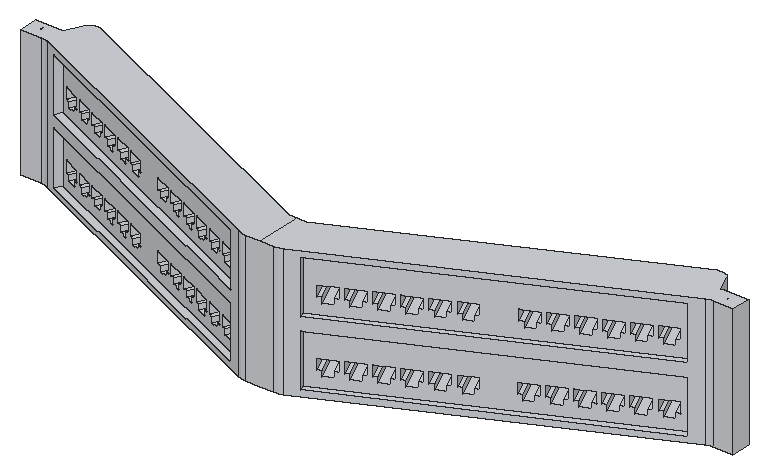
Revit family
Parameters (values of type "TEXT")
  Material ID = "760151779"
  Description = "SYSTIMAX 360 GigaSPEED X10D 1100GS6 Evolve Angled U/UTP Patch Panel, 48 port"
Reference planes (in)
  plane 1 "Center (Front/Back)": y = 0
  plane 2: z = 0
  plane 3 "Center (Left/Right)": x = 0
  plane 4: x = 0
Forms (in)
  Extrusion 1, solid
    sketch origin (0, 0, 0) x (1, 0, 0) y (0, 0, 1)
      loop
        line (0, 1.72) -> (-9.5, 1.72) -> (-9.5, -1.75) -> (0, -1.75) -> (9.5, -1.75) -> (9.5, 1.72) -> (0, 1.72)
    from 0 to 5
  Extrusion 2, void
    sketch origin (0, 0, 0) x (1, 0, 0) y (0, 1, 0)
      loop
        line (0, -3.75) -> (0.22211, -3.75) -> (8.20539, -0.02733)
        arc (8.20539, -0.02733) -> (8.4054, -0.01671) -> (8.56751, -0.13432) r 0.3
        line (8.56751, -0.13432) -> (8.78, -0.59) -> (10.67789, -0.59) -> (10.67789, 1.58554) -> (-10.07211, 1.58554) -> (-10.07211, -0.59) -> (-8.78, -0.59) -> (-8.56751, -0.13432)
        arc (-8.56751, -0.13432) -> (-8.4054, -0.01671) -> (-8.20539, -0.02733) r 0.3
        line (-8.20539, -0.02733) -> (-0.22211, -3.75) -> (0, -3.75)
      loop
        line (0, -5) -> (-0.37185, -5)
        arc (-0.37185, -5) -> (-0.49223, -4.98735) -> (-0.60735, -4.94994) r 0.57899
        line (-0.60735, -4.94994) -> (-8.77297, -1.14225)
        arc (-8.77297, -1.14225) -> (-8.86654, -1.11064) -> (-8.96473, -1.1) r 0.45422
        line (-8.96473, -1.1) -> (-10.07211, -1.1) -> (-10.07211, -6.6) -> (10.67789, -6.6) -> (10.67789, -1.1) -> (8.96473, -1.1)
        arc (8.96473, -1.1) -> (8.86654, -1.11064) -> (8.77297, -1.14225) r 0.45422
        line (8.77297, -1.14225) -> (0.60735, -4.94994)
        arc (0.60735, -4.94994) -> (0.49223, -4.98735) -> (0.37185, -5) r 0.57899
        line (0.37185, -5) -> (0, -5)
    from -9.81041 to 12
  Extrusion 3, void
    sketch origin (-0.5, -5, 0) x (0.906308, -0.422618, 0) y (0, 0, -1)
      loop
        line (-8.78097, -1.575) -> (-0.48097, -1.575) -> (-0.48097, -0.145) -> (-8.78097, -0.145) -> (-8.78097, -1.575)
    from 0 to 0.2
  Extrusion 4, void
    sketch origin (-0.5, -5, 0) x (0.906308, -0.422618, 0) y (0, 0, -1)
      loop
        line (-8.58097, -0.85) -> (-8.09097, -0.85) -> (-8.09097, -0.56) -> (-8.20097, -0.56) -> (-8.20097, -0.416) -> (-8.47097, -0.416) -> (-8.47097, -0.56) -> (-8.58097, -0.56) -> (-8.58097, -0.85)
    from -6.11684 to 3.83475
  Extrusion 5, void
    sketch origin (0.5, -5, 0) x (-0.906308, -0.422618, 0) y (0, 0, 1)
      loop
        line (-8.78097, 1.575) -> (-8.78097, 0.145) -> (-0.48097, 0.145) -> (-0.48097, 1.575) -> (-8.78097, 1.575)
    from 0 to 0.2
  Extrusion 6, void
    sketch origin (0, 0, 0) x (1, 0, 0) y (0, 0, 1)
      loop
        line (-9.23838, 0.095) -> (-9.11238, 0.095)
        arc (-9.11238, 0.095) -> (-8.97238, 0.235) -> (-9.11238, 0.375) r 0.14
        line (-9.11238, 0.375) -> (-9.23838, 0.375)
        arc (-9.23838, 0.375) -> (-9.37838, 0.235) -> (-9.23838, 0.095) r 0.14
      loop
        line (-9.23838, 1.345) -> (-9.11238, 1.345)
        arc (-9.11238, 1.345) -> (-8.97238, 1.485) -> (-9.11238, 1.625) r 0.14
        line (-9.11238, 1.625) -> (-9.23838, 1.625)
        arc (-9.23838, 1.625) -> (-9.37838, 1.485) -> (-9.23838, 1.345) r 0.14
    from -1.65585 to 1.01797
  Extrusion 7, void
    sketch origin (0, 0, 0) x (-1, 0, 0) y (0, 0, -1)
      loop
        arc (-9.23838, -0.095) -> (-9.37838, -0.235) -> (-9.23838, -0.375) r 0.14
        line (-9.23838, -0.375) -> (-9.11238, -0.375)
        arc (-9.11238, -0.375) -> (-8.97238, -0.235) -> (-9.11238, -0.095) r 0.14
        line (-9.11238, -0.095) -> (-9.23838, -0.095)
      loop
        arc (-9.23838, -1.345) -> (-9.37838, -1.485) -> (-9.23838, -1.625) r 0.14
        line (-9.23838, -1.625) -> (-9.11238, -1.625)
        arc (-9.11238, -1.625) -> (-8.97238, -1.485) -> (-9.11238, -1.345) r 0.14
        line (-9.11238, -1.345) -> (-9.23838, -1.345)
    from -1.65585 to 1.01797
  Extrusion 8, void
    sketch origin (0.5, -5, -1.75) x (-0.906308, -0.422618, 0) y (0, 0, 1)
      loop
        line (-8.78097, 1.575) -> (-8.78097, 0.145) -> (-0.48097, 0.145) -> (-0.48097, 1.575) -> (-8.78097, 1.575)
    from 0 to 0.2
  Extrusion 9, void
    sketch origin (-0.5, -5, -1.75) x (0.906308, -0.422618, 0) y (0, 0, -1)
      loop
        line (-8.78097, -1.575) -> (-0.48097, -1.575) -> (-0.48097, -0.145) -> (-8.78097, -0.145) -> (-8.78097, -1.575)
    from 0 to 0.2
  Extrusion 10, void
    sketch origin (0, 0, -1.75) x (1, 0, 0) y (0, 0, 1)
      loop
        line (-9.23838, 0.095) -> (-9.11238, 0.095)
        arc (-9.11238, 0.095) -> (-8.97238, 0.235) -> (-9.11238, 0.375) r 0.14
        line (-9.11238, 0.375) -> (-9.23838, 0.375)
        arc (-9.23838, 0.375) -> (-9.37838, 0.235) -> (-9.23838, 0.095) r 0.14
      loop
        line (-9.23838, 1.345) -> (-9.11238, 1.345)
        arc (-9.11238, 1.345) -> (-8.97238, 1.485) -> (-9.11238, 1.625) r 0.14
        line (-9.11238, 1.625) -> (-9.23838, 1.625)
        arc (-9.23838, 1.625) -> (-9.37838, 1.485) -> (-9.23838, 1.345) r 0.14
    from -1.65585 to 1.01797
  Extrusion 11, void
    sketch origin (0, 0, -1.75) x (-1, 0, 0) y (0, 0, -1)
      loop
        arc (-9.23838, -0.095) -> (-9.37838, -0.235) -> (-9.23838, -0.375) r 0.14
        line (-9.23838, -0.375) -> (-9.11238, -0.375)
        arc (-9.11238, -0.375) -> (-8.97238, -0.235) -> (-9.11238, -0.095) r 0.14
        line (-9.11238, -0.095) -> (-9.23838, -0.095)
      loop
        arc (-9.23838, -1.345) -> (-9.37838, -1.485) -> (-9.23838, -1.625) r 0.14
        line (-9.23838, -1.625) -> (-9.11238, -1.625)
        arc (-9.11238, -1.625) -> (-8.97238, -1.485) -> (-9.11238, -1.345) r 0.14
        line (-9.11238, -1.345) -> (-9.23838, -1.345)
    from -1.65585 to 1.01797
  Extrusion 12, void
    sketch origin (0.04649, -5.25483, 0) x (0.906308, -0.422618, 0) y (0, 0, -1)
      loop
        line (-8.58097, -0.85) -> (-8.09097, -0.85) -> (-8.09097, -0.56) -> (-8.20097, -0.56) -> (-8.20097, -0.416) -> (-8.47097, -0.416) -> (-8.47097, -0.56) -> (-8.58097, -0.56) -> (-8.58097, -0.85)
    from -6.11684 to 3.83475
  Extrusion 13, void
    sketch origin (0.59298, -5.50967, 0) x (0.906308, -0.422618, 0) y (0, 0, -1)
      loop
        line (-8.58097, -0.85) -> (-8.09097, -0.85) -> (-8.09097, -0.56) -> (-8.20097, -0.56) -> (-8.20097, -0.416) -> (-8.47097, -0.416) -> (-8.47097, -0.56) -> (-8.58097, -0.56) -> (-8.58097, -0.85)
    from -6.11684 to 3.83475
  Extrusion 14, void
    sketch origin (1.13947, -5.7645, 0) x (0.906308, -0.422618, 0) y (0, 0, -1)
      loop
        line (-8.58097, -0.85) -> (-8.09097, -0.85) -> (-8.09097, -0.56) -> (-8.20097, -0.56) -> (-8.20097, -0.416) -> (-8.47097, -0.416) -> (-8.47097, -0.56) -> (-8.58097, -0.56) -> (-8.58097, -0.85)
    from -6.11684 to 3.83475
  Extrusion 15, void
    sketch origin (1.68596, -6.01933, 0) x (0.906308, -0.422618, 0) y (0, 0, -1)
      loop
        line (-8.58097, -0.85) -> (-8.09097, -0.85) -> (-8.09097, -0.56) -> (-8.20097, -0.56) -> (-8.20097, -0.416) -> (-8.47097, -0.416) -> (-8.47097, -0.56) -> (-8.58097, -0.56) -> (-8.58097, -0.85)
    from -6.11684 to 3.83475
  Extrusion 16, void
    sketch origin (2.23245, -6.27416, 0) x (0.906308, -0.422618, 0) y (0, 0, -1)
      loop
        line (-8.58097, -0.85) -> (-8.09097, -0.85) -> (-8.09097, -0.56) -> (-8.20097, -0.56) -> (-8.20097, -0.416) -> (-8.47097, -0.416) -> (-8.47097, -0.56) -> (-8.58097, -0.56) -> (-8.58097, -0.85)
    from -6.11684 to 3.83475
  Extrusion 17, void
    sketch origin (3.4001, -6.81865, 0) x (0.906308, -0.422618, 0) y (0, 0, -1)
      loop
        line (-8.58097, -0.85) -> (-8.09097, -0.85) -> (-8.09097, -0.56) -> (-8.20097, -0.56) -> (-8.20097, -0.416) -> (-8.47097, -0.416) -> (-8.47097, -0.56) -> (-8.58097, -0.56) -> (-8.58097, -0.85)
    from -6.11684 to 3.83475
  Extrusion 18, void
    sketch origin (3.94659, -7.07348, 0) x (0.906308, -0.422618, 0) y (0, 0, -1)
      loop
        line (-8.58097, -0.85) -> (-8.09097, -0.85) -> (-8.09097, -0.56) -> (-8.20097, -0.56) -> (-8.20097, -0.416) -> (-8.47097, -0.416) -> (-8.47097, -0.56) -> (-8.58097, -0.56) -> (-8.58097, -0.85)
    from -6.11684 to 3.83475
  Extrusion 19, void
    sketch origin (4.49308, -7.32831, 0) x (0.906308, -0.422618, 0) y (0, 0, -1)
      loop
        line (-8.58097, -0.85) -> (-8.09097, -0.85) -> (-8.09097, -0.56) -> (-8.20097, -0.56) -> (-8.20097, -0.416) -> (-8.47097, -0.416) -> (-8.47097, -0.56) -> (-8.58097, -0.56) -> (-8.58097, -0.85)
    from -6.11684 to 3.83475
  Extrusion 20, void
    sketch origin (5.03957, -7.58314, 0) x (0.906308, -0.422618, 0) y (0, 0, -1)
      loop
        line (-8.58097, -0.85) -> (-8.09097, -0.85) -> (-8.09097, -0.56) -> (-8.20097, -0.56) -> (-8.20097, -0.416) -> (-8.47097, -0.416) -> (-8.47097, -0.56) -> (-8.58097, -0.56) -> (-8.58097, -0.85)
    from -6.11684 to 3.83475
  Extrusion 21, void
    sketch origin (5.58606, -7.83798, 0) x (0.906308, -0.422618, 0) y (0, 0, -1)
      loop
        line (-8.58097, -0.85) -> (-8.09097, -0.85) -> (-8.09097, -0.56) -> (-8.20097, -0.56) -> (-8.20097, -0.416) -> (-8.47097, -0.416) -> (-8.47097, -0.56) -> (-8.58097, -0.56) -> (-8.58097, -0.85)
    from -6.11684 to 3.83475
  Extrusion 22, void
    sketch origin (6.13255, -8.09281, 0) x (0.906308, -0.422618, 0) y (0, 0, -1)
      loop
        line (-8.58097, -0.85) -> (-8.09097, -0.85) -> (-8.09097, -0.56) -> (-8.20097, -0.56) -> (-8.20097, -0.416) -> (-8.47097, -0.416) -> (-8.47097, -0.56) -> (-8.58097, -0.56) -> (-8.58097, -0.85)
    from -6.11684 to 3.83475
  Extrusion 23, void
    sketch origin (-0.5, -5, -1.75) x (0.906308, -0.422618, 0) y (0, 0, -1)
      loop
        line (-8.58097, -0.85) -> (-8.09097, -0.85) -> (-8.09097, -0.56) -> (-8.20097, -0.56) -> (-8.20097, -0.416) -> (-8.47097, -0.416) -> (-8.47097, -0.56) -> (-8.58097, -0.56) -> (-8.58097, -0.85)
    from -6.11684 to 3.83475
  Extrusion 24, void
    sketch origin (0.04649, -5.25483, -1.75) x (0.906308, -0.422618, 0) y (0, 0, -1)
      loop
        line (-8.58097, -0.85) -> (-8.09097, -0.85) -> (-8.09097, -0.56) -> (-8.20097, -0.56) -> (-8.20097, -0.416) -> (-8.47097, -0.416) -> (-8.47097, -0.56) -> (-8.58097, -0.56) -> (-8.58097, -0.85)
    from -6.11684 to 3.83475
  Extrusion 25, void
    sketch origin (0.59298, -5.50967, -1.75) x (0.906308, -0.422618, 0) y (0, 0, -1)
      loop
        line (-8.58097, -0.85) -> (-8.09097, -0.85) -> (-8.09097, -0.56) -> (-8.20097, -0.56) -> (-8.20097, -0.416) -> (-8.47097, -0.416) -> (-8.47097, -0.56) -> (-8.58097, -0.56) -> (-8.58097, -0.85)
    from -6.11684 to 3.83475
  Extrusion 26, void
    sketch origin (1.13947, -5.7645, -1.75) x (0.906308, -0.422618, 0) y (0, 0, -1)
      loop
        line (-8.58097, -0.85) -> (-8.09097, -0.85) -> (-8.09097, -0.56) -> (-8.20097, -0.56) -> (-8.20097, -0.416) -> (-8.47097, -0.416) -> (-8.47097, -0.56) -> (-8.58097, -0.56) -> (-8.58097, -0.85)
    from -6.11684 to 3.83475
  Extrusion 27, void
    sketch origin (1.68596, -6.01933, -1.75) x (0.906308, -0.422618, 0) y (0, 0, -1)
      loop
        line (-8.58097, -0.85) -> (-8.09097, -0.85) -> (-8.09097, -0.56) -> (-8.20097, -0.56) -> (-8.20097, -0.416) -> (-8.47097, -0.416) -> (-8.47097, -0.56) -> (-8.58097, -0.56) -> (-8.58097, -0.85)
    from -6.11684 to 3.83475
  Extrusion 28, void
    sketch origin (2.23245, -6.27416, -1.75) x (0.906308, -0.422618, 0) y (0, 0, -1)
      loop
        line (-8.58097, -0.85) -> (-8.09097, -0.85) -> (-8.09097, -0.56) -> (-8.20097, -0.56) -> (-8.20097, -0.416) -> (-8.47097, -0.416) -> (-8.47097, -0.56) -> (-8.58097, -0.56) -> (-8.58097, -0.85)
    from -6.11684 to 3.83475
  Extrusion 29, void
    sketch origin (3.4001, -6.81865, -1.75) x (0.906308, -0.422618, 0) y (0, 0, -1)
      loop
        line (-8.58097, -0.85) -> (-8.09097, -0.85) -> (-8.09097, -0.56) -> (-8.20097, -0.56) -> (-8.20097, -0.416) -> (-8.47097, -0.416) -> (-8.47097, -0.56) -> (-8.58097, -0.56) -> (-8.58097, -0.85)
    from -6.11684 to 3.83475
  Extrusion 30, void
    sketch origin (3.94659, -7.07348, -1.75) x (0.906308, -0.422618, 0) y (0, 0, -1)
      loop
        line (-8.58097, -0.85) -> (-8.09097, -0.85) -> (-8.09097, -0.56) -> (-8.20097, -0.56) -> (-8.20097, -0.416) -> (-8.47097, -0.416) -> (-8.47097, -0.56) -> (-8.58097, -0.56) -> (-8.58097, -0.85)
    from -6.11684 to 3.83475
  Extrusion 31, void
    sketch origin (4.49308, -7.32831, -1.75) x (0.906308, -0.422618, 0) y (0, 0, -1)
      loop
        line (-8.58097, -0.85) -> (-8.09097, -0.85) -> (-8.09097, -0.56) -> (-8.20097, -0.56) -> (-8.20097, -0.416) -> (-8.47097, -0.416) -> (-8.47097, -0.56) -> (-8.58097, -0.56) -> (-8.58097, -0.85)
    from -6.11684 to 3.83475
  Extrusion 32, void
    sketch origin (5.03957, -7.58314, -1.75) x (0.906308, -0.422618, 0) y (0, 0, -1)
      loop
        line (-8.58097, -0.85) -> (-8.09097, -0.85) -> (-8.09097, -0.56) -> (-8.20097, -0.56) -> (-8.20097, -0.416) -> (-8.47097, -0.416) -> (-8.47097, -0.56) -> (-8.58097, -0.56) -> (-8.58097, -0.85)
    from -6.11684 to 3.83475
  Extrusion 33, void
    sketch origin (5.58606, -7.83798, -1.75) x (0.906308, -0.422618, 0) y (0, 0, -1)
      loop
        line (-8.58097, -0.85) -> (-8.09097, -0.85) -> (-8.09097, -0.56) -> (-8.20097, -0.56) -> (-8.20097, -0.416) -> (-8.47097, -0.416) -> (-8.47097, -0.56) -> (-8.58097, -0.56) -> (-8.58097, -0.85)
    from -6.11684 to 3.83475
  Extrusion 34, void
    sketch origin (6.13255, -8.09281, -1.75) x (0.906308, -0.422618, 0) y (0, 0, -1)
      loop
        line (-8.58097, -0.85) -> (-8.09097, -0.85) -> (-8.09097, -0.56) -> (-8.20097, -0.56) -> (-8.20097, -0.416) -> (-8.47097, -0.416) -> (-8.47097, -0.56) -> (-8.58097, -0.56) -> (-8.58097, -0.85)
    from -6.11684 to 3.83475
  Extrusion 35, void
    sketch origin (0.5, -5, 0) x (-0.906308, -0.422618, 0) y (0, 0, 1)
      loop
        line (-8.58097, 0.85) -> (-8.58097, 0.56) -> (-8.47097, 0.56) -> (-8.47097, 0.416) -> (-8.20097, 0.416) -> (-8.20097, 0.56) -> (-8.09097, 0.56) -> (-8.09097, 0.85) -> (-8.58097, 0.85)
    from -6.11684 to 3.83475
  Extrusion 36, void
    sketch origin (0.5, -5, -1.75) x (-0.906308, -0.422618, 0) y (0, 0, 1)
      loop
        line (-8.58097, 0.85) -> (-8.58097, 0.56) -> (-8.47097, 0.56) -> (-8.47097, 0.416) -> (-8.20097, 0.416) -> (-8.20097, 0.56) -> (-8.09097, 0.56) -> (-8.09097, 0.85) -> (-8.58097, 0.85)
    from -6.11684 to 3.83475
  Extrusion 37, void
    sketch origin (-0.03996, -5.25179, 0) x (-0.906308, -0.422618, 0) y (0, 0, 1)
      loop
        line (-8.58097, 0.85) -> (-8.58097, 0.56) -> (-8.47097, 0.56) -> (-8.47097, 0.416) -> (-8.20097, 0.416) -> (-8.20097, 0.56) -> (-8.09097, 0.56) -> (-8.09097, 0.85) -> (-8.58097, 0.85)
    from -6.11684 to 3.83475
  Extrusion 38, void
    sketch origin (-0.57992, -5.50358, 0) x (-0.906308, -0.422618, 0) y (0, 0, 1)
      loop
        line (-8.58097, 0.85) -> (-8.58097, 0.56) -> (-8.47097, 0.56) -> (-8.47097, 0.416) -> (-8.20097, 0.416) -> (-8.20097, 0.56) -> (-8.09097, 0.56) -> (-8.09097, 0.85) -> (-8.58097, 0.85)
    from -6.11684 to 3.83475
  Extrusion 39, void
    sketch origin (-1.11989, -5.75537, 0) x (-0.906308, -0.422618, 0) y (0, 0, 1)
      loop
        line (-8.58097, 0.85) -> (-8.58097, 0.56) -> (-8.47097, 0.56) -> (-8.47097, 0.416) -> (-8.20097, 0.416) -> (-8.20097, 0.56) -> (-8.09097, 0.56) -> (-8.09097, 0.85) -> (-8.58097, 0.85)
    from -6.11684 to 3.83475
  Extrusion 40, void
    sketch origin (-1.65985, -6.00715, 0) x (-0.906308, -0.422618, 0) y (0, 0, 1)
      loop
        line (-8.58097, 0.85) -> (-8.58097, 0.56) -> (-8.47097, 0.56) -> (-8.47097, 0.416) -> (-8.20097, 0.416) -> (-8.20097, 0.56) -> (-8.09097, 0.56) -> (-8.09097, 0.85) -> (-8.58097, 0.85)
    from -6.11684 to 3.83475
  Extrusion 41, void
    sketch origin (-2.19981, -6.25894, 0) x (-0.906308, -0.422618, 0) y (0, 0, 1)
      loop
        line (-8.58097, 0.85) -> (-8.58097, 0.56) -> (-8.47097, 0.56) -> (-8.47097, 0.416) -> (-8.20097, 0.416) -> (-8.20097, 0.56) -> (-8.09097, 0.56) -> (-8.09097, 0.85) -> (-8.58097, 0.85)
    from -6.11684 to 3.83475
  Extrusion 42, void
    sketch origin (-0.0466, -5.25488, -1.75) x (-0.906308, -0.422618, 0) y (0, 0, 1)
      loop
        line (-8.58097, 0.85) -> (-8.58097, 0.56) -> (-8.47097, 0.56) -> (-8.47097, 0.416) -> (-8.20097, 0.416) -> (-8.20097, 0.56) -> (-8.09097, 0.56) -> (-8.09097, 0.85) -> (-8.58097, 0.85)
    from -6.11684 to 3.83475
  Extrusion 43, void
    sketch origin (-0.59321, -5.50977, -1.75) x (-0.906308, -0.422618, 0) y (0, 0, 1)
      loop
        line (-8.58097, 0.85) -> (-8.58097, 0.56) -> (-8.47097, 0.56) -> (-8.47097, 0.416) -> (-8.20097, 0.416) -> (-8.20097, 0.56) -> (-8.09097, 0.56) -> (-8.09097, 0.85) -> (-8.58097, 0.85)
    from -6.11684 to 3.83475
  Extrusion 44, void
    sketch origin (-1.13981, -5.76465, -1.75) x (-0.906308, -0.422618, 0) y (0, 0, 1)
      loop
        line (-8.58097, 0.85) -> (-8.58097, 0.56) -> (-8.47097, 0.56) -> (-8.47097, 0.416) -> (-8.20097, 0.416) -> (-8.20097, 0.56) -> (-8.09097, 0.56) -> (-8.09097, 0.85) -> (-8.58097, 0.85)
    from -6.11684 to 3.83475
  Extrusion 45, void
    sketch origin (-1.68641, -6.01954, -1.75) x (-0.906308, -0.422618, 0) y (0, 0, 1)
      loop
        line (-8.58097, 0.85) -> (-8.58097, 0.56) -> (-8.47097, 0.56) -> (-8.47097, 0.416) -> (-8.20097, 0.416) -> (-8.20097, 0.56) -> (-8.09097, 0.56) -> (-8.09097, 0.85) -> (-8.58097, 0.85)
    from -6.11684 to 3.83475
  Extrusion 46, void
    sketch origin (-2.23301, -6.27442, -1.75) x (-0.906308, -0.422618, 0) y (0, 0, 1)
      loop
        line (-8.58097, 0.85) -> (-8.58097, 0.56) -> (-8.47097, 0.56) -> (-8.47097, 0.416) -> (-8.20097, 0.416) -> (-8.20097, 0.56) -> (-8.09097, 0.56) -> (-8.09097, 0.85) -> (-8.58097, 0.85)
    from -6.11684 to 3.83475
  Extrusion 47, void
    sketch origin (-3.40084, -6.81899, -1.75) x (-0.906308, -0.422618, 0) y (0, 0, 1)
      loop
        line (-8.58097, 0.85) -> (-8.58097, 0.56) -> (-8.47097, 0.56) -> (-8.47097, 0.416) -> (-8.20097, 0.416) -> (-8.20097, 0.56) -> (-8.09097, 0.56) -> (-8.09097, 0.85) -> (-8.58097, 0.85)
    from -6.11684 to 3.83475
  Extrusion 48, void
    sketch origin (-3.94744, -7.07387, -1.75) x (-0.906308, -0.422618, 0) y (0, 0, 1)
      loop
        line (-8.58097, 0.85) -> (-8.58097, 0.56) -> (-8.47097, 0.56) -> (-8.47097, 0.416) -> (-8.20097, 0.416) -> (-8.20097, 0.56) -> (-8.09097, 0.56) -> (-8.09097, 0.85) -> (-8.58097, 0.85)
    from -6.11684 to 3.83475
  Extrusion 49, void
    sketch origin (-4.49404, -7.32876, -1.75) x (-0.906308, -0.422618, 0) y (0, 0, 1)
      loop
        line (-8.58097, 0.85) -> (-8.58097, 0.56) -> (-8.47097, 0.56) -> (-8.47097, 0.416) -> (-8.20097, 0.416) -> (-8.20097, 0.56) -> (-8.09097, 0.56) -> (-8.09097, 0.85) -> (-8.58097, 0.85)
    from -6.11684 to 3.83475
  Extrusion 50, void
    sketch origin (-5.04064, -7.58364, -1.75) x (-0.906308, -0.422618, 0) y (0, 0, 1)
      loop
        line (-8.58097, 0.85) -> (-8.58097, 0.56) -> (-8.47097, 0.56) -> (-8.47097, 0.416) -> (-8.20097, 0.416) -> (-8.20097, 0.56) -> (-8.09097, 0.56) -> (-8.09097, 0.85) -> (-8.58097, 0.85)
    from -6.11684 to 3.83475
  Extrusion 51, void
    sketch origin (-5.58725, -7.83853, -1.75) x (-0.906308, -0.422618, 0) y (0, 0, 1)
      loop
        line (-8.58097, 0.85) -> (-8.58097, 0.56) -> (-8.47097, 0.56) -> (-8.47097, 0.416) -> (-8.20097, 0.416) -> (-8.20097, 0.56) -> (-8.09097, 0.56) -> (-8.09097, 0.85) -> (-8.58097, 0.85)
    from -6.11684 to 3.83475
  Extrusion 52, void
    sketch origin (-6.13385, -8.09341, -1.75) x (-0.906308, -0.422618, 0) y (0, 0, 1)
      loop
        line (-8.58097, 0.85) -> (-8.58097, 0.56) -> (-8.47097, 0.56) -> (-8.47097, 0.416) -> (-8.20097, 0.416) -> (-8.20097, 0.56) -> (-8.09097, 0.56) -> (-8.09097, 0.85) -> (-8.58097, 0.85)
    from -6.11684 to 3.83475
  Extrusion 53, void
    sketch origin (-3.40084, -6.81899, 0) x (-0.906308, -0.422618, 0) y (0, 0, 1)
      loop
        line (-8.58097, 0.85) -> (-8.58097, 0.56) -> (-8.47097, 0.56) -> (-8.47097, 0.416) -> (-8.20097, 0.416) -> (-8.20097, 0.56) -> (-8.09097, 0.56) -> (-8.09097, 0.85) -> (-8.58097, 0.85)
    from -6.11684 to 3.83475
  Extrusion 54, void
    sketch origin (-3.94744, -7.07387, 0) x (-0.906308, -0.422618, 0) y (0, 0, 1)
      loop
        line (-8.58097, 0.85) -> (-8.58097, 0.56) -> (-8.47097, 0.56) -> (-8.47097, 0.416) -> (-8.20097, 0.416) -> (-8.20097, 0.56) -> (-8.09097, 0.56) -> (-8.09097, 0.85) -> (-8.58097, 0.85)
    from -6.11684 to 3.83475
  Extrusion 55, void
    sketch origin (-4.49404, -7.32876, 0) x (-0.906308, -0.422618, 0) y (0, 0, 1)
      loop
        line (-8.58097, 0.85) -> (-8.58097, 0.56) -> (-8.47097, 0.56) -> (-8.47097, 0.416) -> (-8.20097, 0.416) -> (-8.20097, 0.56) -> (-8.09097, 0.56) -> (-8.09097, 0.85) -> (-8.58097, 0.85)
    from -6.11684 to 3.83475
  Extrusion 56, void
    sketch origin (-5.04064, -7.58364, 0) x (-0.906308, -0.422618, 0) y (0, 0, 1)
      loop
        line (-8.58097, 0.85) -> (-8.58097, 0.56) -> (-8.47097, 0.56) -> (-8.47097, 0.416) -> (-8.20097, 0.416) -> (-8.20097, 0.56) -> (-8.09097, 0.56) -> (-8.09097, 0.85) -> (-8.58097, 0.85)
    from -6.11684 to 3.83475
  Extrusion 57, void
    sketch origin (-5.58725, -7.83853, 0) x (-0.906308, -0.422618, 0) y (0, 0, 1)
      loop
        line (-8.58097, 0.85) -> (-8.58097, 0.56) -> (-8.47097, 0.56) -> (-8.47097, 0.416) -> (-8.20097, 0.416) -> (-8.20097, 0.56) -> (-8.09097, 0.56) -> (-8.09097, 0.85) -> (-8.58097, 0.85)
    from -6.11684 to 3.83475
  Extrusion 58, void
    sketch origin (-6.13385, -8.09341, 0) x (-0.906308, -0.422618, 0) y (0, 0, 1)
      loop
        line (-8.58097, 0.85) -> (-8.58097, 0.56) -> (-8.47097, 0.56) -> (-8.47097, 0.416) -> (-8.20097, 0.416) -> (-8.20097, 0.56) -> (-8.09097, 0.56) -> (-8.09097, 0.85) -> (-8.58097, 0.85)
    from -6.11684 to 3.83475
Cuts and joins
  Extrusion 2, Extrusion 3, Extrusion 4, Extrusion 5, Extrusion 6, Extrusion 7, Extrusion 8, Extrusion 9, Extrusion 10, Extrusion 11, Extrusion 12, Extrusion 13, Extrusion 14, Extrusion 15, Extrusion 16, Extrusion 17, Extrusion 18, Extrusion 19, Extrusion 20, Extrusion 21, Extrusion 22, Extrusion 23, Extrusion 24, Extrusion 25, Extrusion 26, Extrusion 27, Extrusion 28, Extrusion 29, Extrusion 30, Extrusion 31, Extrusion 32, Extrusion 33, Extrusion 34, Extrusion 35, Extrusion 36, Extrusion 37, Extrusion 38, Extrusion 39, Extrusion 40, Extrusion 41, Extrusion 42, Extrusion 43, Extrusion 44, Extrusion 45, Extrusion 46, Extrusion 47, Extrusion 48, Extrusion 49, Extrusion 50, Extrusion 51, Extrusion 52, Extrusion 53, Extrusion 54, Extrusion 55, Extrusion 56, Extrusion 57, Extrusion 58 cuts Extrusion 1
Dimensions and locks (in)
  equal spacing: group 1, group 2, group 3, group 4, group 5, group 6  (x2)
  equal spacing: group 6, group 5, group 4, group 3, group 2, group 1
  equal spacing: group 30, group 29, group 28, group 27, group 26, group 25  (x2)
  equal spacing: group 25, group 26, group 27, group 28, group 29, group 30
  equal spacing: group 36, group 35, group 34, group 33, group 32, group 31  (x2)
  equal spacing: group 31, group 32, group 33, group 34, group 35, group 36
